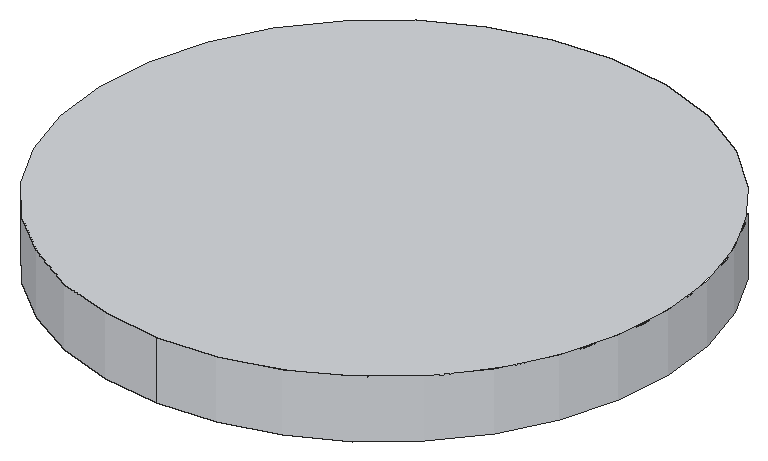
Revit family "WC BOLMEN16_RFA", category Aparatos sanitarios, Revit 2021
Family settings
  Cota de conector redondo = Diámetro de uso
  Tipo de pieza = Normal
  Número OmniClass = 23.45.00.00
  Título OmniClass = Sanitary, Laundry, and Cleaning Equipment
  Se basa en plano de trabajo = No
  Siempre vertical = Sí
  Corte con vacíos al cargar = No
  Compartido = Sí
  Punto de cálculo de habitación = No
Parameters (values of type "WC BOLMEN16")
  Warranty = "5 Years Warranty In Iron Fittings"
  URL = ""
  Default Elevation = 0"
  Comentarios de tipo = "SANIVEX"
  Total Width = 14.7"
  Total Length = 29.6"
  Total Height = 32.8"
  Technical Details = "Diseño ergonómico de construcción robusta\r\ncon cerámica de 10mm de espesor, con\r\nsistema de descarga Turvex con sifón jet y\r\nespejo de agua óptimo, mueble libre de\r\nalabeo (base plana)."
  Modelo = "WC BOLMEN16"
  Min. Working Pressure = 3.55 psi
  Maximum Consumption = "1.25 gpf"
  Max. Working Pressure = 85.3 psi
  Marfil = Marfil
  Fabricante = "HELVEX"
  Instructive = ""
  Inlet Threads = "A la alimentación Ø15/16 -14 NS-1. A la descarga se acopla al Ø de drenaje de 4\"\r\ncon brida sanitaria o cuello de cera."
  High Gloss Ceramic = High Gloss Ceramic
  Descripción = "WC Taza Tanque Bolmen 16, 4.8 lpd, Color Blanco."
  Data Sheet = ""
  Certification = ""
  Conexión AF = yes
Reference planes (in)
  plane 1 "Center (Front/Back)": y = 0
  plane 2: z = 0
  plane 3 "Center (Left/Right)": x = 0
  plane 4: y = -12
Forms (in)
  Extrusion 1, solid
    sketch origin (0, 0, 0) x (0, 1, 0) y (-1, 0, 0)
      loop
        circle (-12, 0) r 2
    from 0 to 0.41004
Dimensions and locks (in)
  locked: plane 4 to plane 1 "Center (Front/Back)" at 12
  locked: connector elem to plane 1 "Center (Front/Back)" at 12
  aligned and locked: level to plane 2
Connectors (in)
  piping at (0, -12, 0), diameter 4, driven by "Conexión AF"
    settings: on Extrusion 1, index 1, connector inside diameter 609.6 mm, connector length 0", flow factor 0, pipe flow 0.0 GPM, pressure drop 0.0 psi, fitting loss kfactor 0, connector angle 0.00°, fixture units 0, engagement length 0", angle of deflection 0.00°, flow configuration 2, flow direction 2, fitting loss method 0, system type 16, joint type 0, gender type 0, connector reference index -1, connector utility 1, adjustable connector no, is connector primary yes, connector description ""
